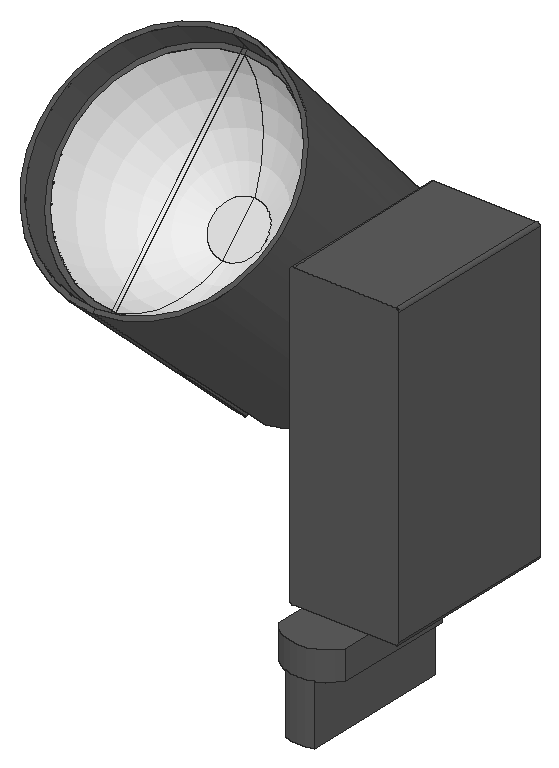
Revit family "0004842 Feilo Sylvania Lighting Fixture START TRACK SPOT L 35W 3K RA80 MB BLACK", category Lighting Fixtures, host Face, Revit 2017 (continued)
Definition of nested family "Start Track Spot Head"
  Types (96, lengths in mm): name | Wattage | built-in parameter 1150134 | Photometric Web File | Model | built-in parameter 1150105 | Lumens | built-in parameter 1150107 | built-in parameter 1150106 | HeadThickness_FEILO | HeadRibOffset_FEILO | HeadRibDepth_FEILO | HeadRibCutWidth_FEILO | HeadRibCutOffset_FEILO | HeadReflectorRadius_FEILO | HeadReflectorOffset_FEILO | HeadLEDRadius_FEILO | HeadHeight_FEILO | HeadDiffusorOffset_FEILO | HeadDiaOut_FEILO | HeadDiaIn_FEILO | HeadAxisFromTop_FEILO | Emit from Circle Diameter | built-in parameter 1150104 | Description | Apparent Load
    0004864 START TRACK SPOT S 24W 3K RA90 WB WHITE | 24 W | (empty or 0) | "0004864.ies" | "START TRACK SPOT S 24W 3K RA90 WB WHITE" | 152.79 (stored number, unit not read) | 1920 lm | 3000 (stored number, unit not read) | 1.5279 (stored number, unit not read) | 1.5 | 4.179 | 55.714 | 7.167 | 50.87 | 50.588 | 55.714 | 9.556 | 117 | 9.435 | 86 | 77.477 | 69.354 | 77.477 | 7.4322 (stored number, unit not read) | "Integrated LED spotlight, Textured White - RAL9016, compact and minimalist design, ideal for retail applications, die-cast aluminium body, passive cooling heatsink. Beam angle: 64°, color temperature: 3000K , total system power: 24W, total fixture output: 1928 lm, LOR: 100%, colour rendering: Ra: 90 typical, LED Chromaticity: 3 step MacAdam ellipse, lifetime: >50000 hours at L70B50, energy class: A++, A+, A, IR/UV free light source without heat radiation, operating voltage: 220-240V / 50-60Hz, drive current: 600mA, electronic driver, non-dimmable, power factor: 0.95, electrical protection: Class II, Global Track 3 Phase adapter suitable for Global trac 3-circuit tracks, ingress protection rating: IP20, suitable for internal environment only, horizontal rotation: 355°, vertical tilt: 90°, dimensions: Ø86x140x200, weight: 0.966kg." | 24 VA
    0004863 START TRACK SPOT S 24W 3K RA90 MB WHITE | 24 W | (empty or 0) | "0004863.ies" | "START TRACK SPOT S 24W 3K RA90 MB WHITE" | 154.7 (stored number, unit not read) | 1944 lm | 3000 (stored number, unit not read) | 1.547 (stored number, unit not read) | 1.5 | 4.179 | 55.714 | 7.167 | 50.87 | 50.588 | 55.714 | 9.556 | 117 | 9.435 | 86 | 77.477 | 69.354 | 77.477 | 7.5251 (stored number, unit not read) | "Integrated LED spotlight, Textured White - RAL9016, compact and minimalist design, ideal for retail applications, die-cast aluminium body, passive cooling heatsink. Beam angle: 36°, color temperature: 3000K , total system power: 24W, total fixture output: 1944 lm, LOR: 100%, colour rendering: Ra: 90 typical, LED Chromaticity: 3 step MacAdam ellipse, lifetime: >50000 hours at L70B50, energy class: A++, A+, A, IR/UV free light source without heat radiation, operating voltage: 220-240V / 50-60Hz, drive current: 600mA, electronic driver, non-dimmable, power factor: 0.95, electrical protection: Class II, Global Track 3 Phase adapter suitable for Global trac 3-circuit tracks, ingress protection rating: IP20, suitable for internal environment only, horizontal rotation: 355°, vertical tilt: 90°, dimensions: Ø86x140x200, weight: 0.966kg." | 24 VA
    0004862 START TRACK SPOT S 24W 3K RA90 NB WHITE | 24 W | (empty or 0) | "0004862.ies" | "START TRACK SPOT S 24W 3K RA90 NB WHITE" | 158.52 (stored number, unit not read) | 1992 lm | 3000 (stored number, unit not read) | 1.5852 (stored number, unit not read) | 1.5 | 4.179 | 55.714 | 7.167 | 50.87 | 50.588 | 55.714 | 9.556 | 117 | 9.435 | 86 | 77.477 | 69.354 | 77.477 | 7.711 (stored number, unit not read) | "Integrated LED spotlight, Textured White - RAL9016, compact and minimalist design, ideal for retail applications, die-cast aluminium body, passive cooling heatsink. Beam angle: 12°, color temperature: 3000K , total system power: 24W, total fixture output: 1987 lm, LOR: 100%, colour rendering: Ra: 90 typical, LED Chromaticity: 3 step MacAdam ellipse, lifetime: >50000 hours at L70B50, energy class: A++, A+, A, IR/UV free light source without heat radiation, operating voltage: 220-240V / 50-60Hz, drive current: 600mA, electronic driver, non-dimmable, power factor: 0.95, electrical protection: Class II, Global Track 3 Phase adapter suitable for Global trac 3-circuit tracks, ingress protection rating: IP20, suitable for internal environment only, horizontal rotation: 355°, vertical tilt: 90°, dimensions: Ø86x140x200, weight: 0.966kg." | 24 VA
    0004861 START TRACK SPOT S 14W 3K RA90 WB WHITE | 14 W | (empty or 0) | "0004861.ies" | "START TRACK SPOT S 14W 3K RA90 WB WHITE" | 100.27 (stored number, unit not read) | 1260 lm | 3000 (stored number, unit not read) | 1.0027 (stored number, unit not read) | 1.5 | 4.179 | 55.714 | 7.167 | 50.87 | 50.588 | 55.714 | 9.556 | 117 | 9.435 | 86 | 77.477 | 69.354 | 77.477 | 8.3613 (stored number, unit not read) | "Integrated LED spotlight, Textured White - RAL9016, compact and minimalist design, ideal for retail applications, die-cast aluminium body, passive cooling heatsink. Beam angle: 64°, color temperature: 3000K , total system power: 14W, total fixture output: 1262 lm, LOR: 100%, colour rendering: Ra: 90 typical, LED Chromaticity: 3 step MacAdam ellipse, lifetime: >50000 hours at L70B50, energy class: A++, A+, A, IR/UV free light source without heat radiation, operating voltage: 220-240V / 50-60Hz, drive current: 350mA, electronic driver, non-dimmable, power factor: 0.92, electrical protection: Class II, Global Track 3 Phase adapter suitable for Global trac 3-circuit tracks, ingress protection rating: IP20, suitable for internal environment only, horizontal rotation: 355°, vertical tilt: 90°, dimensions: Ø86x140x200, weight: 0.940kg." | 14 VA
    0004860 START TRACK SPOT S 14W 3K RA90 MB WHITE | 14 W | (empty or 0) | "0004860.ies" | "START TRACK SPOT S 14W 3K RA90 MB WHITE" | 100.27 (stored number, unit not read) | 1260 lm | 3000 (stored number, unit not read) | 1.0027 (stored number, unit not read) | 1.5 | 4.179 | 55.714 | 7.167 | 50.87 | 50.588 | 55.714 | 9.556 | 117 | 9.435 | 86 | 77.477 | 69.354 | 77.477 | 8.3613 (stored number, unit not read) | "Integrated LED spotlight, Textured White - RAL9016, compact and minimalist design, ideal for retail applications, die-cast aluminium body, passive cooling heatsink. Beam angle: 36°, color temperature: 3000K , total system power: 14W, total fixture output: 1262 lm, LOR: 100%, colour rendering: Ra: 90 typical, LED Chromaticity: 3 step MacAdam ellipse, lifetime: >50000 hours at L70B50, energy class: A++, A+, A, IR/UV free light source without heat radiation, operating voltage: 220-240V / 50-60Hz, drive current: 350mA, electronic driver, non-dimmable, power factor: 0.92, electrical protection: Class II, Global Track 3 Phase adapter suitable for Global trac 3-circuit tracks, ingress protection rating: IP20, suitable for internal environment only, horizontal rotation: 355°, vertical tilt: 90°, dimensions: Ø86x140x200, weight: 0.940kg." | 14 VA
    0004859 START TRACK SPOT S 14W 3K RA90 NB WHITE | 14 W | (empty or 0) | "0004859.ies" | "START TRACK SPOT S 14W 3K RA90 NB WHITE" | 102.5 (stored number, unit not read) | 1288 lm | 3000 (stored number, unit not read) | 1.025 (stored number, unit not read) | 1.5 | 4.179 | 55.714 | 7.167 | 50.87 | 50.588 | 55.714 | 9.556 | 117 | 9.435 | 86 | 77.477 | 69.354 | 77.477 | 8.5471 (stored number, unit not read) | "Integrated LED spotlight, Textured White - RAL9016, compact and minimalist design, ideal for retail applications, die-cast aluminium body, passive cooling heatsink. Beam angle: 12°, color temperature: 3000K , total system power: 14W, total fixture output: 1284 lm, LOR: 100%, colour rendering: Ra: 90 typical, LED Chromaticity: 3 step MacAdam ellipse, lifetime: >50000 hours at L70B50, energy class: A++, A+, A, IR/UV free light source without heat radiation, operating voltage: 220-240V / 50-60Hz, drive current: 350mA, electronic driver, non-dimmable, power factor: 0.92, electrical protection: Class II, Global Track 3 Phase adapter suitable for Global trac 3-circuit tracks, ingress protection rating: IP20, suitable for internal environment only, horizontal rotation: 355°, vertical tilt: 90°, dimensions: Ø86x140x200, weight: 0.940kg." | 14 VA
    0004858 START TRACK SPOT L 55W 4K RA80 WB BLACK | 55 W | 12 | "0004858.ies" | "START TRACK SPOT L 55W 4K RA80 WB BLACK" | 424.55 (stored number, unit not read) | 5335 lm | 4000 (stored number, unit not read) | 4.2455 (stored number, unit not read) | 2 | 4.429 | 59.048 | 9.417 | 53.913 | 66.471 | 59.048 | 12.556 | 124 | 10 | 113 | 101.802 | 73.503 | 101.802 | 9.0116 (stored number, unit not read) | "Integrated LED spotlight, Textured Black - RAL9005, compact and minimalist design, ideal for retail applications, die-cast aluminium body, passive cooling heatsink. Beam angle: 52°, color temperature: 4000K , total system power: 55W, total fixture output: 5320 lm, LOR: 100%, colour rendering: Ra: 80 typical, LED Chromaticity: 3 step MacAdam ellipse, lifetime: >50000 hours at L70B50, energy class: A++, A+, A, IR/UV free light source without heat radiation, operating voltage: 220-240V / 50-60Hz, drive current: 1400mA, electronic driver, non-dimmable, power factor: 0.96, electrical protection: Class II, Global Track 3 Phase adapter suitable for Global trac 3-circuit tracks, ingress protection rating: IP20, suitable for internal environment only, horizontal rotation: 355°, vertical tilt: 90°, dimensions: Ø113x164x240, weight: 1.398kg." | 55 VA
    0004857 START TRACK SPOT L 55W 4K RA80 MB BLACK | 55 W | 12 | "0004857.ies" | "START TRACK SPOT L 55W 4K RA80 MB BLACK" | 428.92 (stored number, unit not read) | 5390 lm | 4000 (stored number, unit not read) | 4.2892 (stored number, unit not read) | 2 | 4.429 | 59.048 | 9.417 | 53.913 | 66.471 | 59.048 | 12.556 | 124 | 10 | 113 | 101.802 | 73.503 | 101.802 | 9.1045 (stored number, unit not read) | "Integrated LED spotlight, Textured Black - RAL9005, compact and minimalist design, ideal for retail applications, die-cast aluminium body, passive cooling heatsink. Beam angle: 38°, color temperature: 4000K , total system power: 55W, total fixture output: 5378 lm, LOR: 100%, colour rendering: Ra: 80 typical, LED Chromaticity: 3 step MacAdam ellipse, lifetime: >50000 hours at L70B50, energy class: A++, A+, A, IR/UV free light source without heat radiation, operating voltage: 220-240V / 50-60Hz, drive current: 1400mA, electronic driver, non-dimmable, power factor: 0.96, electrical protection: Class II, Global Track 3 Phase adapter suitable for Global trac 3-circuit tracks, ingress protection rating: IP20, suitable for internal environment only, horizontal rotation: 355°, vertical tilt: 90°, dimensions: Ø113x164x240, weight: 1.398kg." | 55 VA
    0004856 START TRACK SPOT L 55W 4K RA80 NB BLACK | 55 W | 12 | "0004856.ies" | "START TRACK SPOT L 55W 4K RA80 NB BLACK" | 433.3 (stored number, unit not read) | 5445 lm | 4000 (stored number, unit not read) | 4.333 (stored number, unit not read) | 2 | 4.429 | 59.048 | 9.417 | 53.913 | 66.471 | 59.048 | 12.556 | 124 | 10 | 113 | 101.802 | 73.503 | 101.802 | 9.1974 (stored number, unit not read) | "Integrated LED spotlight, Textured Black - RAL9005, compact and minimalist design, ideal for retail applications, die-cast aluminium body, passive cooling heatsink. Beam angle: 15°, color temperature: 4000K , total system power: 55W, total fixture output: 5426 lm, LOR: 100%, colour rendering: Ra: 80 typical, LED Chromaticity: 3 step MacAdam ellipse, lifetime: >50000 hours at L70B50, energy class: A++, A+, A, IR/UV free light source without heat radiation, operating voltage: 220-240V / 50-60Hz, drive current: 1400mA, electronic driver, non-dimmable, power factor: 0.96, electrical protection: Class II, Global Track 3 Phase adapter suitable for Global trac 3-circuit tracks, ingress protection rating: IP20, suitable for internal environment only, horizontal rotation: 355°, vertical tilt: 90°, dimensions: Ø113x164x240, weight: 1.398kg." | 55 VA
    0004855 START TRACK SPOT L 35W 4K RA80 WB BLACK | 35 W | 12 | "0004855.ies" | "START TRACK SPOT L 35W 4K RA80 WB BLACK" | 320.3 (stored number, unit not read) | 4025 lm | 4000 (stored number, unit not read) | 3.203 (stored number, unit not read) | 2 | 4.429 | 59.048 | 9.417 | 53.913 | 66.471 | 59.048 | 12.556 | 124 | 10 | 113 | 101.802 | 73.503 | 101.802 | 10.684 (stored number, unit not read) | "Integrated LED spotlight, Textured Black - RAL9005, compact and minimalist design, ideal for retail applications, die-cast aluminium body, passive cooling heatsink. Beam angle: 52°, color temperature: 4000K , total system power: 35W, total fixture output: 4010 lm, LOR: 100%, colour rendering: Ra: 80 typical, LED Chromaticity: 3 step MacAdam ellipse, lifetime: >50000 hours at L70B50, energy class: A++, A+, A, IR/UV free light source without heat radiation, operating voltage: 220-240V / 50-60Hz, drive current: 900mA, electronic driver, non-dimmable, power factor: 0.93, electrical protection: Class II, Global Track 3 Phase adapter suitable for Global trac 3-circuit tracks, ingress protection rating: IP20, suitable for internal environment only, horizontal rotation: 355°, vertical tilt: 90°, dimensions: Ø113x164x240, weight: 1.368kg." | 35 VA
    0004854 START TRACK SPOT L 35W 4K RA80 MB BLACK | 35 W | 12 | "0004854.ies" | "START TRACK SPOT L 35W 4K RA80 MB BLACK" | 320.3 (stored number, unit not read) | 4025 lm | 4000 (stored number, unit not read) | 3.203 (stored number, unit not read) | 2 | 4.429 | 59.048 | 9.417 | 53.913 | 66.471 | 59.048 | 12.556 | 124 | 10 | 113 | 101.802 | 73.503 | 101.802 | 10.684 (stored number, unit not read) | "Integrated LED spotlight, Textured Black - RAL9005, compact and minimalist design, ideal for retail applications, die-cast aluminium body, passive cooling heatsink. Beam angle: 38°, color temperature: 4000K , total system power: 35W, total fixture output: 4017 lm, LOR: 100%, colour rendering: Ra: 80 typical, LED Chromaticity: 3 step MacAdam ellipse, lifetime: >50000 hours at L70B50, energy class: A++, A+, A, IR/UV free light source without heat radiation, operating voltage: 220-240V / 50-60Hz, drive current: 900mA, electronic driver, non-dimmable, power factor: 0.93, electrical protection: Class II, Global Track 3 Phase adapter suitable for Global trac 3-circuit tracks, ingress protection rating: IP20, suitable for internal environment only, horizontal rotation: 355°, vertical tilt: 90°, dimensions: Ø113x164x240, weight: 1.368kg." | 35 VA
    0004853 START TRACK SPOT L 35W 4K RA80 NB BLACK | 35 W | 12 | "0004853.ies" | "START TRACK SPOT L 35W 4K RA80 NB BLACK" | 331.44 (stored number, unit not read) | 4165 lm | 4000 (stored number, unit not read) | 3.3144 (stored number, unit not read) | 2 | 4.429 | 59.048 | 9.417 | 53.913 | 66.471 | 59.048 | 12.556 | 124 | 10 | 113 | 101.802 | 73.503 | 101.802 | 11.055 (stored number, unit not read) | "Integrated LED spotlight, Textured Black - RAL9005, compact and minimalist design, ideal for retail applications, die-cast aluminium body, passive cooling heatsink. Beam angle: 15°, color temperature: 4000K , total system power: 35W, total fixture output: 4174 lm, LOR: 100%, colour rendering: Ra: 80 typical, LED Chromaticity: 3 step MacAdam ellipse, lifetime: >50000 hours at L70B50, energy class: A++, A+, A, IR/UV free light source without heat radiation, operating voltage: 220-240V / 50-60Hz, drive current: 900mA, electronic driver, non-dimmable, power factor: 0.93, electrical protection: Class II, Global Track 3 Phase adapter suitable for Global trac 3-circuit tracks, ingress protection rating: IP20, suitable for internal environment only, horizontal rotation: 355°, vertical tilt: 90°, dimensions: Ø113x164x240, weight: 1.368kg." | 35 VA
    0004852 START TRACK SPOT S 24W 4K RA80 WB BLACK | 24 W | 12 | "0004852.ies" | "START TRACK SPOT S 24W 4K RA80 WB BLACK" | 196.72 (stored number, unit not read) | 2472 lm | 4000 (stored number, unit not read) | 1.9672 (stored number, unit not read) | 1.5 | 4.179 | 55.714 | 7.167 | 50.87 | 50.588 | 55.714 | 9.556 | 117 | 9.435 | 86 | 77.477 | 69.354 | 77.477 | 9.569 (stored number, unit not read) | "Integrated LED spotlight, Textured Black - RAL9005, compact and minimalist design, ideal for retail applications, die-cast aluminium body, passive cooling heatsink. Beam angle: 64°, color temperature: 4000K , total system power: 24W, total fixture output: 2476 lm, LOR: 100%, colour rendering: Ra: 80 typical, LED Chromaticity: 3 step MacAdam ellipse, lifetime: >50000 hours at L70B50, energy class: A++, A+, A, IR/UV free light source without heat radiation, operating voltage: 220-240V / 50-60Hz, drive current: 600mA, electronic driver, non-dimmable, power factor: 0.95, electrical protection: Class II, Global Track 3 Phase adapter suitable for Global trac 3-circuit tracks, ingress protection rating: IP20, suitable for internal environment only, horizontal rotation: 355°, vertical tilt: 90°, dimensions: Ø86x140x200, weight: 0.966kg." | 24 VA
    0004851 START TRACK SPOT S 24W 4K RA80 MB BLACK | 24 W | 12 | "0004851.ies" | "START TRACK SPOT S 24W 4K RA80 MB BLACK" | 198.63 (stored number, unit not read) | 2496 lm | 4000 (stored number, unit not read) | 1.9863 (stored number, unit not read) | 1.5 | 4.179 | 55.714 | 7.167 | 50.87 | 50.588 | 55.714 | 9.556 | 117 | 9.435 | 86 | 77.477 | 69.354 | 77.477 | 9.6619 (stored number, unit not read) | "Integrated LED spotlight, Textured Black - RAL9005, compact and minimalist design, ideal for retail applications, die-cast aluminium body, passive cooling heatsink. Beam angle: 36°, color temperature: 4000K , total system power: 24W, total fixture output: 2487 lm, LOR: 100%, colour rendering: Ra: 80 typical, LED Chromaticity: 3 step MacAdam ellipse, lifetime: >50000 hours at L70B50, energy class: A++, A+, A, IR/UV free light source without heat radiation, operating voltage: 220-240V / 50-60Hz, drive current: 600mA, electronic driver, non-dimmable, power factor: 0.95, electrical protection: Class II, Global Track 3 Phase adapter suitable for Global trac 3-circuit tracks, ingress protection rating: IP20, suitable for internal environment only, horizontal rotation: 355°, vertical tilt: 90°, dimensions: Ø86x140x200, weight: 0.966kg." | 24 VA
    0004850 START TRACK SPOT S 24W 4K RA80 NB BLACK | 24 W | 12 | "0004850.ies" | "START TRACK SPOT S 24W 4K RA80 NB BLACK" | 200.54 (stored number, unit not read) | 2520 lm | 4000 (stored number, unit not read) | 2.0054 (stored number, unit not read) | 1.5 | 4.179 | 55.714 | 7.167 | 50.87 | 50.588 | 55.714 | 9.556 | 117 | 9.435 | 86 | 77.477 | 69.354 | 77.477 | 9.7548 (stored number, unit not read) | "Integrated LED spotlight, Textured Black - RAL9005, compact and minimalist design, ideal for retail applications, die-cast aluminium body, passive cooling heatsink. Beam angle: 12°, color temperature: 4000K , total system power: 24W, total fixture output: 2529 lm, LOR: 100%, colour rendering: Ra: 80 typical, LED Chromaticity: 3 step MacAdam ellipse, lifetime: >50000 hours at L70B50, energy class: A++, A+, A, IR/UV free light source without heat radiation, operating voltage: 220-240V / 50-60Hz, drive current: 600mA, electronic driver, non-dimmable, power factor: 0.95, electrical protection: Class II, Global Track 3 Phase adapter suitable for Global trac 3-circuit tracks, ingress protection rating: IP20, suitable for internal environment only, horizontal rotation: 355°, vertical tilt: 90°, dimensions: Ø86x140x200, weight: 0.966kg." | 24 VA
    0004849 START TRACK SPOT S 14W 4K RA80 WB BLACK | 14 W | 12 | "0004849.ies" | "START TRACK SPOT S 14W 4K RA80 WB BLACK" | 123.66 (stored number, unit not read) | 1554 lm | 4000 (stored number, unit not read) | 1.2366 (stored number, unit not read) | 1.5 | 4.179 | 55.714 | 7.167 | 50.87 | 50.588 | 55.714 | 9.556 | 117 | 9.435 | 86 | 77.477 | 69.354 | 77.477 | 10.312 (stored number, unit not read) | "Integrated LED spotlight, Textured Black - RAL9005, compact and minimalist design, ideal for retail applications, die-cast aluminium body, passive cooling heatsink. Beam angle: 64°, color temperature: 4000K , total system power: 14W, total fixture output: 1558 lm, LOR: 100%, colour rendering: Ra: 80 typical, LED Chromaticity: 3 step MacAdam ellipse, lifetime: >50000 hours at L70B50, energy class: A++, A+, A, IR/UV free light source without heat radiation, operating voltage: 220-240V / 50-60Hz, drive current: 350mA, electronic driver, non-dimmable, power factor: 0.92, electrical protection: Class II, Global Track 3 Phase adapter suitable for Global trac 3-circuit tracks, ingress protection rating: IP20, suitable for internal environment only, horizontal rotation: 355°, vertical tilt: 90°, dimensions: Ø86x140x200, weight: 0.940kg." | 14 VA
    0004848 START TRACK SPOT S 14W 4K RA80 MB BLACK | 14 W | 12 | "0004848.ies" | "START TRACK SPOT S 14W 4K RA80 MB BLACK" | 127.01 (stored number, unit not read) | 1596 lm | 4000 (stored number, unit not read) | 1.2701 (stored number, unit not read) | 1.5 | 4.179 | 55.714 | 7.167 | 50.87 | 50.588 | 55.714 | 9.556 | 117 | 9.435 | 86 | 77.477 | 69.354 | 77.477 | 10.591 (stored number, unit not read) | "Integrated LED spotlight, Textured Black - RAL9005, compact and minimalist design, ideal for retail applications, die-cast aluminium body, passive cooling heatsink. Beam angle: 36°, color temperature: 4000K , total system power: 14W, total fixture output: 1598 lm, LOR: 100%, colour rendering: Ra: 80 typical, LED Chromaticity: 3 step MacAdam ellipse, lifetime: >50000 hours at L70B50, energy class: A++, A+, A, IR/UV free light source without heat radiation, operating voltage: 220-240V / 50-60Hz, drive current: 350mA, electronic driver, non-dimmable, power factor: 0.92, electrical protection: Class II, Global Track 3 Phase adapter suitable for Global trac 3-circuit tracks, ingress protection rating: IP20, suitable for internal environment only, horizontal rotation: 355°, vertical tilt: 90°, dimensions: Ø86x140x200, weight: 0.940kg." | 14 VA
    0004847 START TRACK SPOT S 14W 4K RA80 NB BLACK | 14 W | 12 | "0004847.ies" | "START TRACK SPOT S 14W 4K RA80 NB BLACK" | 128.12 (stored number, unit not read) | 1610 lm | 4000 (stored number, unit not read) | 1.2812 (stored number, unit not read) | 1.5 | 4.179 | 55.714 | 7.167 | 50.87 | 50.588 | 55.714 | 9.556 | 117 | 9.435 | 86 | 77.477 | 69.354 | 77.477 | 10.684 (stored number, unit not read) | "Integrated LED spotlight, Textured Black - RAL9005, compact and minimalist design, ideal for retail applications, die-cast aluminium body, passive cooling heatsink. Beam angle: 12°, color temperature: 4000K , total system power: 14W, total fixture output: 1608 lm, LOR: 100%, colour rendering: Ra: 80 typical, LED Chromaticity: 3 step MacAdam ellipse, lifetime: >50000 hours at L70B50, energy class: A++, A+, A, IR/UV free light source without heat radiation, operating voltage: 220-240V / 50-60Hz, drive current: 350mA, electronic driver, non-dimmable, power factor: 0.92, electrical protection: Class II, Global Track 3 Phase adapter suitable for Global trac 3-circuit tracks, ingress protection rating: IP20, suitable for internal environment only, horizontal rotation: 355°, vertical tilt: 90°, dimensions: Ø86x140x200, weight: 0.940kg." | 14 VA
    0004846 START TRACK SPOT L 55W 3K RA80 WB BLACK | 55 W | (empty or 0) | "0004846.ies" | "START TRACK SPOT L 55W 3K RA80 WB BLACK" | 420.17 (stored number, unit not read) | 5280 lm | 3000 (stored number, unit not read) | 4.2017 (stored number, unit not read) | 2 | 4.429 | 59.048 | 9.417 | 53.913 | 66.471 | 59.048 | 12.556 | 124 | 10 | 113 | 101.802 | 73.503 | 101.802 | 8.9187 (stored number, unit not read) | "Integrated LED spotlight, Textured Black - RAL9005, compact and minimalist design, ideal for retail applications, die-cast aluminium body, passive cooling heatsink. Beam angle: 52°, color temperature: 3000K , total system power: 55W, total fixture output: 5298 lm, LOR: 100%, colour rendering: Ra: 80 typical, LED Chromaticity: 3 step MacAdam ellipse, lifetime: >50000 hours at L70B50, energy class: A++, A+, A, IR/UV free light source without heat radiation, operating voltage: 220-240V / 50-60Hz, drive current: 1400mA, electronic driver, non-dimmable, power factor: 0.96, electrical protection: Class II, Global Track 3 Phase adapter suitable for Global trac 3-circuit tracks, ingress protection rating: IP20, suitable for internal environment only, horizontal rotation: 355°, vertical tilt: 90°, dimensions: Ø113x164x240, weight: 1.398kg." | 55 VA
    0004845 START TRACK SPOT L 55W 3K RA80 MB BLACK | 55 W | (empty or 0) | "0004845.ies" | "START TRACK SPOT L 55W 3K RA80 MB BLACK" | 428.92 (stored number, unit not read) | 5390 lm | 3000 (stored number, unit not read) | 4.2892 (stored number, unit not read) | 2 | 4.429 | 59.048 | 9.417 | 53.913 | 66.471 | 59.048 | 12.556 | 124 | 10 | 113 | 101.802 | 73.503 | 101.802 | 9.1045 (stored number, unit not read) | "Integrated LED spotlight, Textured Black - RAL9005, compact and minimalist design, ideal for retail applications, die-cast aluminium body, passive cooling heatsink. Beam angle: 38°, color temperature: 3000K , total system power: 55W, total fixture output: 5381 lm, LOR: 100%, colour rendering: Ra: 80 typical, LED Chromaticity: 3 step MacAdam ellipse, lifetime: >50000 hours at L70B50, energy class: A++, A+, A, IR/UV free light source without heat radiation, operating voltage: 220-240V / 50-60Hz, drive current: 1400mA, electronic driver, non-dimmable, power factor: 0.96, electrical protection: Class II, Global Track 3 Phase adapter suitable for Global trac 3-circuit tracks, ingress protection rating: IP20, suitable for internal environment only, horizontal rotation: 355°, vertical tilt: 90°, dimensions: Ø113x164x240, weight: 1.398kg." | 55 VA
    0004844 START TRACK SPOT L 55W 3K RA80 NB BLACK | 55 W | (empty or 0) | "0004844.ies" | "START TRACK SPOT L 55W 3K RA80 NB BLACK" | 433.3 (stored number, unit not read) | 5445 lm | 3000 (stored number, unit not read) | 4.333 (stored number, unit not read) | 2 | 4.429 | 59.048 | 9.417 | 53.913 | 66.471 | 59.048 | 12.556 | 124 | 10 | 113 | 101.802 | 73.503 | 101.802 | 9.1974 (stored number, unit not read) | "Integrated LED spotlight, Textured Black - RAL9005, compact and minimalist design, ideal for retail applications, die-cast aluminium body, passive cooling heatsink. Beam angle: 15°, color temperature: 3000K , total system power: 55W, total fixture output: 5449 lm, LOR: 100%, colour rendering: Ra: 80 typical, LED Chromaticity: 3 step MacAdam ellipse, lifetime: >50000 hours at L70B50, energy class: A++, A+, A, IR/UV free light source without heat radiation, operating voltage: 220-240V / 50-60Hz, drive current: 1400mA, electronic driver, non-dimmable, power factor: 0.96, electrical protection: Class II, Global Track 3 Phase adapter suitable for Global trac 3-circuit tracks, ingress protection rating: IP20, suitable for internal environment only, horizontal rotation: 355°, vertical tilt: 90°, dimensions: Ø113x164x240, weight: 1.398kg." | 55 VA
    0004843 START TRACK SPOT L 35W 3K RA80 WB BLACK | 35 W | (empty or 0) | "0004843.ies" | "START TRACK SPOT L 35W 3K RA80 WB BLACK" | 314.73 (stored number, unit not read) | 3955 lm | 3000 (stored number, unit not read) | 3.1473 (stored number, unit not read) | 2 | 4.429 | 59.048 | 9.417 | 53.913 | 66.471 | 59.048 | 12.556 | 124 | 10 | 113 | 101.802 | 73.503 | 101.802 | 10.498 (stored number, unit not read) | "Integrated LED spotlight, Textured Black - RAL9005, compact and minimalist design, ideal for retail applications, die-cast aluminium body, passive cooling heatsink. Beam angle: 52°, color temperature: 3000K , total system power: 35W, total fixture output: 3943 lm, LOR: 100%, colour rendering: Ra: 80 typical, LED Chromaticity: 3 step MacAdam ellipse, lifetime: >50000 hours at L70B50, energy class: A++, A+, A, IR/UV free light source without heat radiation, operating voltage: 220-240V / 50-60Hz, drive current: 900mA, electronic driver, non-dimmable, power factor: 0.93, electrical protection: Class II, Global Track 3 Phase adapter suitable for Global trac 3-circuit tracks, ingress protection rating: IP20, suitable for internal environment only, horizontal rotation: 355°, vertical tilt: 90°, dimensions: Ø113x164x240, weight: 1.368kg." | 35 VA
    0004842 START TRACK SPOT L 35W 3K RA80 MB BLACK | 35 W | (empty or 0) | "0004842.ies" | "START TRACK SPOT L 35W 3K RA80 MB BLACK" | 320.3 (stored number, unit not read) | 4025 lm | 3000 (stored number, unit not read) | 3.203 (stored number, unit not read) | 2 | 4.429 | 59.048 | 9.417 | 53.913 | 66.471 | 59.048 | 12.556 | 124 | 10 | 113 | 101.802 | 73.503 | 101.802 | 10.684 (stored number, unit not read) | "Integrated LED spotlight, Textured Black - RAL9005, compact and minimalist design, ideal for retail applications, die-cast aluminium body, passive cooling heatsink. Beam angle: 38°, color temperature: 3000K , total system power: 35W, total fixture output: 4008 lm, LOR: 100%, colour rendering: Ra: 80 typical, LED Chromaticity: 3 step MacAdam ellipse, lifetime: >50000 hours at L70B50, energy class: A++, A+, A, IR/UV free light source without heat radiation, operating voltage: 220-240V / 50-60Hz, drive current: 900mA, electronic driver, non-dimmable, power factor: 0.93, electrical protection: Class II, Global Track 3 Phase adapter suitable for Global trac 3-circuit tracks, ingress protection rating: IP20, suitable for internal environment only, horizontal rotation: 355°, vertical tilt: 90°, dimensions: Ø113x164x240, weight: 1.368kg." | 35 VA
    0004841 START TRACK SPOT L 35W 3K RA80 NB BLACK | 35 W | (empty or 0) | "0004841.ies" | "START TRACK SPOT L 35W 3K RA80 NB BLACK" | 317.51 (stored number, unit not read) | 3990 lm | 3000 (stored number, unit not read) | 3.1751 (stored number, unit not read) | 2 | 4.429 | 59.048 | 9.417 | 53.913 | 66.471 | 59.048 | 12.556 | 124 | 10 | 113 | 101.802 | 73.503 | 101.802 | 10.591 (stored number, unit not read) | "Integrated LED spotlight, Textured Black - RAL9005, compact and minimalist design, ideal for retail applications, die-cast aluminium body, passive cooling heatsink. Beam angle: 15°, color temperature: 3000K , total system power: 35W, total fixture output: 4005 lm, LOR: 100%, colour rendering: Ra: 80 typical, LED Chromaticity: 3 step MacAdam ellipse, lifetime: >50000 hours at L70B50, energy class: A++, A+, A, IR/UV free light source without heat radiation, operating voltage: 220-240V / 50-60Hz, drive current: 900mA, electronic driver, non-dimmable, power factor: 0.93, electrical protection: Class II, Global Track 3 Phase adapter suitable for Global trac 3-circuit tracks, ingress protection rating: IP20, suitable for internal environment only, horizontal rotation: 355°, vertical tilt: 90°, dimensions: Ø113x164x240, weight: 1.368kg." | 35 VA
    0004840 START TRACK SPOT S 24W 3K RA80 WB BLACK | 24 W | (empty or 0) | "0004840.ies" | "START TRACK SPOT S 24W 3K RA80 WB BLACK" | 185.26 (stored number, unit not read) | 2328 lm | 3000 (stored number, unit not read) | 1.8526 (stored number, unit not read) | 1.5 | 4.179 | 55.714 | 7.167 | 50.87 | 50.588 | 55.714 | 9.556 | 117 | 9.435 | 86 | 77.477 | 69.354 | 77.477 | 9.0116 (stored number, unit not read) | "Integrated LED spotlight, Textured Black - RAL9005, compact and minimalist design, ideal for retail applications, die-cast aluminium body, passive cooling heatsink. Beam angle: 64°, color temperature: 3000K , total system power: 24W, total fixture output: 2318 lm, LOR: 100%, colour rendering: Ra: 80 typical, LED Chromaticity: 3 step MacAdam ellipse, lifetime: >50000 hours at L70B50, energy class: A++, A+, A, IR/UV free light source without heat radiation, operating voltage: 220-240V / 50-60Hz, drive current: 600mA, electronic driver, non-dimmable, power factor: 0.95, electrical protection: Class II, Global Track 3 Phase adapter suitable for Global trac 3-circuit tracks, ingress protection rating: IP20, suitable for internal environment only, horizontal rotation: 355°, vertical tilt: 90°, dimensions: Ø86x140x200, weight: 0.966kg." | 24 VA
    0004839 START TRACK SPOT S 24W 3K RA80 MB BLACK | 24 W | (empty or 0) | "0004839.ies" | "START TRACK SPOT S 24W 3K RA80 MB BLACK" | 183.35 (stored number, unit not read) | 2304 lm | 3000 (stored number, unit not read) | 1.8335 (stored number, unit not read) | 1.5 | 4.179 | 55.714 | 7.167 | 50.87 | 50.588 | 55.714 | 9.556 | 117 | 9.435 | 86 | 77.477 | 69.354 | 77.477 | 8.9187 (stored number, unit not read) | "Integrated LED spotlight, Textured Black - RAL9005, compact and minimalist design, ideal for retail applications, die-cast aluminium body, passive cooling heatsink. Beam angle: 36°, color temperature: 3000K , total system power: 24W, total fixture output: 2314 lm, LOR: 100%, colour rendering: Ra: 80 typical, LED Chromaticity: 3 step MacAdam ellipse, lifetime: >50000 hours at L70B50, energy class: A++, A+, A, IR/UV free light source without heat radiation, operating voltage: 220-240V / 50-60Hz, drive current: 600mA, electronic driver, non-dimmable, power factor: 0.95, electrical protection: Class II, Global Track 3 Phase adapter suitable for Global trac 3-circuit tracks, ingress protection rating: IP20, suitable for internal environment only, horizontal rotation: 355°, vertical tilt: 90°, dimensions: Ø86x140x200, weight: 0.966kg." | 24 VA
    0004838 START TRACK SPOT S 24W 3K RA80 NB BLACK | 24 W | (empty or 0) | "0004838.ies" | "START TRACK SPOT S 24W 3K RA80 NB BLACK" | 185.26 (stored number, unit not read) | 2328 lm | 3000 (stored number, unit not read) | 1.8526 (stored number, unit not read) | 1.5 | 4.179 | 55.714 | 7.167 | 50.87 | 50.588 | 55.714 | 9.556 | 117 | 9.435 | 86 | 77.477 | 69.354 | 77.477 | 9.0116 (stored number, unit not read) | "Integrated LED spotlight, Textured Black - RAL9005, compact and minimalist design, ideal for retail applications, die-cast aluminium body, passive cooling heatsink. Beam angle: 12°, color temperature: 3000K , total system power: 24W, total fixture output: 2334 lm, LOR: 100%, colour rendering: Ra: 80 typical, LED Chromaticity: 3 step MacAdam ellipse, lifetime: >50000 hours at L70B50, energy class: A++, A+, A, IR/UV free light source without heat radiation, operating voltage: 220-240V / 50-60Hz, drive current: 600mA, electronic driver, non-dimmable, power factor: 0.95, electrical protection: Class II, Global Track 3 Phase adapter suitable for Global trac 3-circuit tracks, ingress protection rating: IP20, suitable for internal environment only, horizontal rotation: 355°, vertical tilt: 90°, dimensions: Ø86x140x200, weight: 0.966kg." | 24 VA
    0004837 START TRACK SPOT S 14W 3K RA80 WB BLACK | 14 W | (empty or 0) | "0004837.ies" | "START TRACK SPOT S 14W 3K RA80 WB BLACK" | 119.21 (stored number, unit not read) | 1498 lm | 3000 (stored number, unit not read) | 1.1921 (stored number, unit not read) | 1.5 | 4.179 | 55.714 | 7.167 | 50.87 | 50.588 | 55.714 | 9.556 | 117 | 9.435 | 86 | 77.477 | 69.354 | 77.477 | 9.9406 (stored number, unit not read) | "Integrated LED spotlight, Textured Black - RAL9005, compact and minimalist design, ideal for retail applications, die-cast aluminium body, passive cooling heatsink. Beam angle: 64°, color temperature: 3000K , total system power: 14W, total fixture output: 1498 lm, LOR: 100%, colour rendering: Ra: 80 typical, LED Chromaticity: 3 step MacAdam ellipse, lifetime: >50000 hours at L70B50, energy class: A++, A+, A, IR/UV free light source without heat radiation, operating voltage: 220-240V / 50-60Hz, drive current: 350mA, electronic driver, non-dimmable, power factor: 0.92, electrical protection: Class II, Global Track 3 Phase adapter suitable for Global trac 3-circuit tracks, ingress protection rating: IP20, suitable for internal environment only, horizontal rotation: 355°, vertical tilt: 90°, dimensions: Ø86x140x200, weight: 0.940kg." | 14 VA
    0004836 START TRACK SPOT S 14W 3K RA80 MB BLACK | 14 W | (empty or 0) | "0004836.ies" | "START TRACK SPOT S 14W 3K RA80 MB BLACK" | 120.32 (stored number, unit not read) | 1512 lm | 3000 (stored number, unit not read) | 1.2032 (stored number, unit not read) | 1.5 | 4.179 | 55.714 | 7.167 | 50.87 | 50.588 | 55.714 | 9.556 | 117 | 9.435 | 86 | 77.477 | 69.354 | 77.477 | 10.034 (stored number, unit not read) | "Integrated LED spotlight, Textured Black - RAL9005, compact and minimalist design, ideal for retail applications, die-cast aluminium body, passive cooling heatsink. Beam angle: 36°, color temperature: 3000K , total system power: 14W, total fixture output: 1508 lm, LOR: 100%, colour rendering: Ra: 80 typical, LED Chromaticity: 3 step MacAdam ellipse, lifetime: >50000 hours at L70B50, energy class: A++, A+, A, IR/UV free light source without heat radiation, operating voltage: 220-240V / 50-60Hz, drive current: 350mA, electronic driver, non-dimmable, power factor: 0.92, electrical protection: Class II, Global Track 3 Phase adapter suitable for Global trac 3-circuit tracks, ingress protection rating: IP20, suitable for internal environment only, horizontal rotation: 355°, vertical tilt: 90°, dimensions: Ø86x140x200, weight: 0.940kg." | 14 VA
    0004835 START TRACK SPOT S 14W 3K RA80 NB BLACK | 14 W | (empty or 0) | "0004835.ies" | "START TRACK SPOT S 14W 3K RA80 NB BLACK" | 123.66 (stored number, unit not read) | 1554 lm | 3000 (stored number, unit not read) | 1.2366 (stored number, unit not read) | 1.5 | 4.179 | 55.714 | 7.167 | 50.87 | 50.588 | 55.714 | 9.556 | 117 | 9.435 | 86 | 77.477 | 69.354 | 77.477 | 10.312 (stored number, unit not read) | "Integrated LED spotlight, Textured Black - RAL9005, compact and minimalist design, ideal for retail applications, die-cast aluminium body, passive cooling heatsink. Beam angle: 12°, color temperature: 3000K , total system power: 14W, total fixture output: 1551 lm, LOR: 100%, colour rendering: Ra: 80 typical, LED Chromaticity: 3 step MacAdam ellipse, lifetime: >50000 hours at L70B50, energy class: A++, A+, A, IR/UV free light source without heat radiation, operating voltage: 220-240V / 50-60Hz, drive current: 350mA, electronic driver, non-dimmable, power factor: 0.92, electrical protection: Class II, Global Track 3 Phase adapter suitable for Global trac 3-circuit tracks, ingress protection rating: IP20, suitable for internal environment only, horizontal rotation: 355°, vertical tilt: 90°, dimensions: Ø86x140x200, weight: 0.940kg." | 14 VA
    0004834 START TRACK SPOT L 55W 4K RA80 WB WHITE | 55 W | 12 | "0004834.ies" | "START TRACK SPOT L 55W 4K RA80 WB WHITE" | 424.55 (stored number, unit not read) | 5335 lm | 4000 (stored number, unit not read) | 4.2455 (stored number, unit not read) | 2 | 4.429 | 59.048 | 9.417 | 53.913 | 66.471 | 59.048 | 12.556 | 124 | 10 | 113 | 101.802 | 73.503 | 101.802 | 9.0116 (stored number, unit not read) | "Integrated LED spotlight, Textured White - RAL9016, compact and minimalist design, ideal for retail applications, die-cast aluminium body, passive cooling heatsink. Beam angle: 52°, color temperature: 4000K , total system power: 55W, total fixture output: 5320 lm, LOR: 100%, colour rendering: Ra: 80 typical, LED Chromaticity: 3 step MacAdam ellipse, lifetime: >50000 hours at L70B50, energy class: A++, A+, A, IR/UV free light source without heat radiation, operating voltage: 220-240V / 50-60Hz, drive current: 1400mA, electronic driver, non-dimmable, power factor: 0.96, electrical protection: Class II, Global Track 3 Phase adapter suitable for Global trac 3-circuit tracks, ingress protection rating: IP20, suitable for internal environment only, horizontal rotation: 355°, vertical tilt: 90°, dimensions: Ø113x164x240, weight: 1.398kg." | 55 VA
    0004833 START TRACK SPOT L 55W 4K RA80 MB WHITE | 55 W | 12 | "0004833.ies" | "START TRACK SPOT L 55W 4K RA80 MB WHITE" | 428.92 (stored number, unit not read) | 5390 lm | 4000 (stored number, unit not read) | 4.2892 (stored number, unit not read) | 2 | 4.429 | 59.048 | 9.417 | 53.913 | 66.471 | 59.048 | 12.556 | 124 | 10 | 113 | 101.802 | 73.503 | 101.802 | 9.1045 (stored number, unit not read) | "Integrated LED spotlight, Textured White - RAL9016, compact and minimalist design, ideal for retail applications, die-cast aluminium body, passive cooling heatsink. Beam angle: 38°, color temperature: 4000K , total system power: 55W, total fixture output: 5378 lm, LOR: 100%, colour rendering: Ra: 80 typical, LED Chromaticity: 3 step MacAdam ellipse, lifetime: >50000 hours at L70B50, energy class: A++, A+, A, IR/UV free light source without heat radiation, operating voltage: 220-240V / 50-60Hz, drive current: 1400mA, electronic driver, non-dimmable, power factor: 0.96, electrical protection: Class II, Global Track 3 Phase adapter suitable for Global trac 3-circuit tracks, ingress protection rating: IP20, suitable for internal environment only, horizontal rotation: 355°, vertical tilt: 90°, dimensions: Ø113x164x240, weight: 1.398kg." | 55 VA
    0004832 START TRACK SPOT L 55W 4K RA80 NB WHITE | 55 W | 12 | "0004832.ies" | "START TRACK SPOT L 55W 4K RA80 NB WHITE" | 433.3 (stored number, unit not read) | 5445 lm | 4000 (stored number, unit not read) | 4.333 (stored number, unit not read) | 2 | 4.429 | 59.048 | 9.417 | 53.913 | 66.471 | 59.048 | 12.556 | 124 | 10 | 113 | 101.802 | 73.503 | 101.802 | 9.1974 (stored number, unit not read) | "Integrated LED spotlight, Textured White - RAL9016, compact and minimalist design, ideal for retail applications, die-cast aluminium body, passive cooling heatsink. Beam angle: 15°, color temperature: 4000K , total system power: 55W, total fixture output: 5426 lm, LOR: 100%, colour rendering: Ra: 80 typical, LED Chromaticity: 3 step MacAdam ellipse, lifetime: >50000 hours at L70B50, energy class: A++, A+, A, IR/UV free light source without heat radiation, operating voltage: 220-240V / 50-60Hz, drive current: 1400mA, electronic driver, non-dimmable, power factor: 0.96, electrical protection: Class II, Global Track 3 Phase adapter suitable for Global trac 3-circuit tracks, ingress protection rating: IP20, suitable for internal environment only, horizontal rotation: 355°, vertical tilt: 90°, dimensions: Ø113x164x240, weight: 1.398kg." | 55 VA
    0004831 START TRACK SPOT L 35W 4K RA80 WB WHITE | 35 W | 12 | "0004831.ies" | "START TRACK SPOT L 35W 4K RA80 WB WHITE" | 320.3 (stored number, unit not read) | 4025 lm | 4000 (stored number, unit not read) | 3.203 (stored number, unit not read) | 2 | 4.429 | 59.048 | 9.417 | 53.913 | 66.471 | 59.048 | 12.556 | 124 | 10 | 113 | 101.802 | 73.503 | 101.802 | 10.684 (stored number, unit not read) | "Integrated LED spotlight, Textured White - RAL9016, compact and minimalist design, ideal for retail applications, die-cast aluminium body, passive cooling heatsink. Beam angle: 52°, color temperature: 4000K , total system power: 35W, total fixture output: 4010 lm, LOR: 100%, colour rendering: Ra: 80 typical, LED Chromaticity: 3 step MacAdam ellipse, lifetime: >50000 hours at L70B50, energy class: A++, A+, A, IR/UV free light source without heat radiation, operating voltage: 220-240V / 50-60Hz, drive current: 900mA, electronic driver, non-dimmable, power factor: 0.93, electrical protection: Class II, Global Track 3 Phase adapter suitable for Global trac 3-circuit tracks, ingress protection rating: IP20, suitable for internal environment only, horizontal rotation: 355°, vertical tilt: 90°, dimensions: Ø113x164x240, weight: 1.368kg." | 35 VA
    0004830 START TRACK SPOT L 35W 4K RA80 MB WHITE | 35 W | 12 | "0004830.ies" | "START TRACK SPOT L 35W 4K RA80 MB WHITE" | 320.3 (stored number, unit not read) | 4025 lm | 4000 (stored number, unit not read) | 3.203 (stored number, unit not read) | 2 | 4.429 | 59.048 | 9.417 | 53.913 | 66.471 | 59.048 | 12.556 | 124 | 10 | 113 | 101.802 | 73.503 | 101.802 | 10.684 (stored number, unit not read) | "Integrated LED spotlight, Textured White - RAL9016, compact and minimalist design, ideal for retail applications, die-cast aluminium body, passive cooling heatsink. Beam angle: 38°, color temperature: 4000K , total system power: 35W, total fixture output: 4017 lm, LOR: 100%, colour rendering: Ra: 80 typical, LED Chromaticity: 3 step MacAdam ellipse, lifetime: >50000 hours at L70B50, energy class: A++, A+, A, IR/UV free light source without heat radiation, operating voltage: 220-240V / 50-60Hz, drive current: 900mA, electronic driver, non-dimmable, power factor: 0.93, electrical protection: Class II, Global Track 3 Phase adapter suitable for Global trac 3-circuit tracks, ingress protection rating: IP20, suitable for internal environment only, horizontal rotation: 355°, vertical tilt: 90°, dimensions: Ø113x164x240, weight: 1.368kg." | 35 VA
    0004829 START TRACK SPOT L 35W 4K RA80 NB WHITE | 35 W | 12 | "0004829.ies" | "START TRACK SPOT L 35W 4K RA80 NB WHITE" | 331.44 (stored number, unit not read) | 4165 lm | 4000 (stored number, unit not read) | 3.3144 (stored number, unit not read) | 2 | 4.429 | 59.048 | 9.417 | 53.913 | 66.471 | 59.048 | 12.556 | 124 | 10 | 113 | 101.802 | 73.503 | 101.802 | 11.055 (stored number, unit not read) | "Integrated LED spotlight, Textured White - RAL9016, compact and minimalist design, ideal for retail applications, die-cast aluminium body, passive cooling heatsink. Beam angle: 15°, color temperature: 4000K , total system power: 35W, total fixture output: 4174 lm, LOR: 100%, colour rendering: Ra: 80 typical, LED Chromaticity: 3 step MacAdam ellipse, lifetime: >50000 hours at L70B50, energy class: A++, A+, A, IR/UV free light source without heat radiation, operating voltage: 220-240V / 50-60Hz, drive current: 900mA, electronic driver, non-dimmable, power factor: 0.93, electrical protection: Class II, Global Track 3 Phase adapter suitable for Global trac 3-circuit tracks, ingress protection rating: IP20, suitable for internal environment only, horizontal rotation: 355°, vertical tilt: 90°, dimensions: Ø113x164x240, weight: 1.368kg." | 35 VA
    0004828 START TRACK SPOT S 24W 4K RA80 WB WHITE | 24 W | 12 | "0004828.ies" | "START TRACK SPOT S 24W 4K RA80 WB WHITE" | 196.72 (stored number, unit not read) | 2472 lm | 4000 (stored number, unit not read) | 1.9672 (stored number, unit not read) | 1.5 | 4.179 | 55.714 | 7.167 | 50.87 | 50.588 | 55.714 | 9.556 | 117 | 9.435 | 86 | 77.477 | 69.354 | 77.477 | 9.569 (stored number, unit not read) | "Integrated LED spotlight, Textured White - RAL9016, compact and minimalist design, ideal for retail applications, die-cast aluminium body, passive cooling heatsink. Beam angle: 64°, color temperature: 4000K , total system power: 24W, total fixture output: 2476 lm, LOR: 100%, colour rendering: Ra: 80 typical, LED Chromaticity: 3 step MacAdam ellipse, lifetime: >50000 hours at L70B50, energy class: A++, A+, A, IR/UV free light source without heat radiation, operating voltage: 220-240V / 50-60Hz, drive current: 600mA, electronic driver, non-dimmable, power factor: 0.95, electrical protection: Class II, Global Track 3 Phase adapter suitable for Global trac 3-circuit tracks, ingress protection rating: IP20, suitable for internal environment only, horizontal rotation: 355°, vertical tilt: 90°, dimensions: Ø86x140x200, weight: 0.966kg." | 24 VA
    0004827 START TRACK SPOT S 24W 4K RA80 MB WHITE | 24 W | 12 | "0004827.ies" | "START TRACK SPOT S 24W 4K RA80 MB WHITE" | 198.63 (stored number, unit not read) | 2496 lm | 4000 (stored number, unit not read) | 1.9863 (stored number, unit not read) | 1.5 | 4.179 | 55.714 | 7.167 | 50.87 | 50.588 | 55.714 | 9.556 | 117 | 9.435 | 86 | 77.477 | 69.354 | 77.477 | 9.6619 (stored number, unit not read) | "Integrated LED spotlight, Textured White - RAL9016, compact and minimalist design, ideal for retail applications, die-cast aluminium body, passive cooling heatsink. Beam angle: 36°, color temperature: 4000K , total system power: 24W, total fixture output: 2487 lm, LOR: 100%, colour rendering: Ra: 80 typical, LED Chromaticity: 3 step MacAdam ellipse, lifetime: >50000 hours at L70B50, energy class: A++, A+, A, IR/UV free light source without heat radiation, operating voltage: 220-240V / 50-60Hz, drive current: 600mA, electronic driver, non-dimmable, power factor: 0.95, electrical protection: Class II, Global Track 3 Phase adapter suitable for Global trac 3-circuit tracks, ingress protection rating: IP20, suitable for internal environment only, horizontal rotation: 355°, vertical tilt: 90°, dimensions: Ø86x140x200, weight: 0.966kg." | 24 VA
    0004826 START TRACK SPOT S 24W 4K RA80 NB WHITE | 24 W | 12 | "0004826.ies" | "START TRACK SPOT S 24W 4K RA80 NB WHITE" | 200.54 (stored number, unit not read) | 2520 lm | 4000 (stored number, unit not read) | 2.0054 (stored number, unit not read) | 1.5 | 4.179 | 55.714 | 7.167 | 50.87 | 50.588 | 55.714 | 9.556 | 117 | 9.435 | 86 | 77.477 | 69.354 | 77.477 | 9.7548 (stored number, unit not read) | "Integrated LED spotlight, Textured White - RAL9016, compact and minimalist design, ideal for retail applications, die-cast aluminium body, passive cooling heatsink. Beam angle: 12°, color temperature: 4000K , total system power: 24W, total fixture output: 2529 lm, LOR: 100%, colour rendering: Ra: 80 typical, LED Chromaticity: 3 step MacAdam ellipse, lifetime: >50000 hours at L70B50, energy class: A++, A+, A, IR/UV free light source without heat radiation, operating voltage: 220-240V / 50-60Hz, drive current: 600mA, electronic driver, non-dimmable, power factor: 0.95, electrical protection: Class II, Global Track 3 Phase adapter suitable for Global trac 3-circuit tracks, ingress protection rating: IP20, suitable for internal environment only, horizontal rotation: 355°, vertical tilt: 90°, dimensions: Ø86x140x200, weight: 0.966kg." | 24 VA
    0004825 START TRACK SPOT S 14W 4K RA80 WB WHITE | 14 W | 12 | "0004825.ies" | "START TRACK SPOT S 14W 4K RA80 WB WHITE" | 123.66 (stored number, unit not read) | 1554 lm | 4000 (stored number, unit not read) | 1.2366 (stored number, unit not read) | 1.5 | 4.179 | 55.714 | 7.167 | 50.87 | 50.588 | 55.714 | 9.556 | 117 | 9.435 | 86 | 77.477 | 69.354 | 77.477 | 10.312 (stored number, unit not read) | "Integrated LED spotlight, Textured White - RAL9016, compact and minimalist design, ideal for retail applications, die-cast aluminium body, passive cooling heatsink. Beam angle: 64°, color temperature: 4000K , total system power: 14W, total fixture output: 1558 lm, LOR: 100%, colour rendering: Ra: 80 typical, LED Chromaticity: 3 step MacAdam ellipse, lifetime: >50000 hours at L70B50, energy class: A++, A+, A, IR/UV free light source without heat radiation, operating voltage: 220-240V / 50-60Hz, drive current: 350mA, electronic driver, non-dimmable, power factor: 0.92, electrical protection: Class II, Global Track 3 Phase adapter suitable for Global trac 3-circuit tracks, ingress protection rating: IP20, suitable for internal environment only, horizontal rotation: 355°, vertical tilt: 90°, dimensions: Ø86x140x200, weight: 0.940kg." | 14 VA
    0004824 START TRACK SPOT S 14W 4K RA80 MB WHITE | 14 W | 12 | "0004824.ies" | "START TRACK SPOT S 14W 4K RA80 MB WHITE" | 127.01 (stored number, unit not read) | 1596 lm | 4000 (stored number, unit not read) | 1.2701 (stored number, unit not read) | 1.5 | 4.179 | 55.714 | 7.167 | 50.87 | 50.588 | 55.714 | 9.556 | 117 | 9.435 | 86 | 77.477 | 69.354 | 77.477 | 10.591 (stored number, unit not read) | "Integrated LED spotlight, Textured White - RAL9016, compact and minimalist design, ideal for retail applications, die-cast aluminium body, passive cooling heatsink. Beam angle: 36°, color temperature: 4000K , total system power: 14W, total fixture output: 1598 lm, LOR: 100%, colour rendering: Ra: 80 typical, LED Chromaticity: 3 step MacAdam ellipse, lifetime: >50000 hours at L70B50, energy class: A++, A+, A, IR/UV free light source without heat radiation, operating voltage: 220-240V / 50-60Hz, drive current: 350mA, electronic driver, non-dimmable, power factor: 0.92, electrical protection: Class II, Global Track 3 Phase adapter suitable for Global trac 3-circuit tracks, ingress protection rating: IP20, suitable for internal environment only, horizontal rotation: 355°, vertical tilt: 90°, dimensions: Ø86x140x200, weight: 0.940kg." | 14 VA
    0004823 START TRACK SPOT S 14W 4K RA80 NB WHITE | 14 W | 12 | "0004823.ies" | "START TRACK SPOT S 14W 4K RA80 NB WHITE" | 128.12 (stored number, unit not read) | 1610 lm | 4000 (stored number, unit not read) | 1.2812 (stored number, unit not read) | 1.5 | 4.179 | 55.714 | 7.167 | 50.87 | 50.588 | 55.714 | 9.556 | 117 | 9.435 | 86 | 77.477 | 69.354 | 77.477 | 10.684 (stored number, unit not read) | "Integrated LED spotlight, Textured White - RAL9016, compact and minimalist design, ideal for retail applications, die-cast aluminium body, passive cooling heatsink. Beam angle: 12°, color temperature: 4000K , total system power: 14W, total fixture output: 1608 lm, LOR: 100%, colour rendering: Ra: 80 typical, LED Chromaticity: 3 step MacAdam ellipse, lifetime: >50000 hours at L70B50, energy class: A++, A+, A, IR/UV free light source without heat radiation, operating voltage: 220-240V / 50-60Hz, drive current: 350mA, electronic driver, non-dimmable, power factor: 0.92, electrical protection: Class II, Global Track 3 Phase adapter suitable for Global trac 3-circuit tracks, ingress protection rating: IP20, suitable for internal environment only, horizontal rotation: 355°, vertical tilt: 90°, dimensions: Ø86x140x200, weight: 0.940kg." | 14 VA
    0004822 START TRACK SPOT L 55W 3K RA80 WB WHITE | 55 W | (empty or 0) | "0004822.ies" | "START TRACK SPOT L 55W 3K RA80 WB WHITE" | 420.17 (stored number, unit not read) | 5280 lm | 3000 (stored number, unit not read) | 4.2017 (stored number, unit not read) | 2 | 4.429 | 59.048 | 9.417 | 53.913 | 66.471 | 59.048 | 12.556 | 124 | 10 | 113 | 101.802 | 73.503 | 101.802 | 8.9187 (stored number, unit not read) | "Integrated LED spotlight, Textured White - RAL9016, compact and minimalist design, ideal for retail applications, die-cast aluminium body, passive cooling heatsink. Beam angle: 52°, color temperature: 3000K , total system power: 55W, total fixture output: 5298 lm, LOR: 100%, colour rendering: Ra: 80 typical, LED Chromaticity: 3 step MacAdam ellipse, lifetime: >50000 hours at L70B50, energy class: A++, A+, A, IR/UV free light source without heat radiation, operating voltage: 220-240V / 50-60Hz, drive current: 1400mA, electronic driver, non-dimmable, power factor: 0.96, electrical protection: Class II, Global Track 3 Phase adapter suitable for Global trac 3-circuit tracks, ingress protection rating: IP20, suitable for internal environment only, horizontal rotation: 355°, vertical tilt: 90°, dimensions: Ø113x164x240, weight: 1.398kg." | 55 VA
    0004821 START TRACK SPOT L 55W 3K RA80 MB WHITE | 55 W | (empty or 0) | "0004821.ies" | "START TRACK SPOT L 55W 3K RA80 MB WHITE" | 428.92 (stored number, unit not read) | 5390 lm | 3000 (stored number, unit not read) | 4.2892 (stored number, unit not read) | 2 | 4.429 | 59.048 | 9.417 | 53.913 | 66.471 | 59.048 | 12.556 | 124 | 10 | 113 | 101.802 | 73.503 | 101.802 | 9.1045 (stored number, unit not read) | "Integrated LED spotlight, Textured White - RAL9016, compact and minimalist design, ideal for retail applications, die-cast aluminium body, passive cooling heatsink. Beam angle: 38°, color temperature: 3000K , total system power: 55W, total fixture output: 5381 lm, LOR: 100%, colour rendering: Ra: 80 typical, LED Chromaticity: 3 step MacAdam ellipse, lifetime: >50000 hours at L70B50, energy class: A++, A+, A, IR/UV free light source without heat radiation, operating voltage: 220-240V / 50-60Hz, drive current: 1400mA, electronic driver, non-dimmable, power factor: 0.96, electrical protection: Class II, Global Track 3 Phase adapter suitable for Global trac 3-circuit tracks, ingress protection rating: IP20, suitable for internal environment only, horizontal rotation: 355°, vertical tilt: 90°, dimensions: Ø113x164x240, weight: 1.398kg." | 55 VA
    0004820 START TRACK SPOT L 55W 3K RA80 NB WHITE | 55 W | (empty or 0) | "0004820.ies" | "START TRACK SPOT L 55W 3K RA80 NB WHITE" | 433.3 (stored number, unit not read) | 5445 lm | 3000 (stored number, unit not read) | 4.333 (stored number, unit not read) | 2 | 4.429 | 59.048 | 9.417 | 53.913 | 66.471 | 59.048 | 12.556 | 124 | 10 | 113 | 101.802 | 73.503 | 101.802 | 9.1974 (stored number, unit not read) | "Integrated LED spotlight, Textured White - RAL9016, compact and minimalist design, ideal for retail applications, die-cast aluminium body, passive cooling heatsink. Beam angle: 15°, color temperature: 3000K , total system power: 55W, total fixture output: 5449 lm, LOR: 100%, colour rendering: Ra: 80 typical, LED Chromaticity: 3 step MacAdam ellipse, lifetime: >50000 hours at L70B50, energy class: A++, A+, A, IR/UV free light source without heat radiation, operating voltage: 220-240V / 50-60Hz, drive current: 1400mA, electronic driver, non-dimmable, power factor: 0.96, electrical protection: Class II, Global Track 3 Phase adapter suitable for Global trac 3-circuit tracks, ingress protection rating: IP20, suitable for internal environment only, horizontal rotation: 355°, vertical tilt: 90°, dimensions: Ø113x164x240, weight: 1.398kg." | 55 VA
    0004819 START TRACK SPOT L 35W 3K RA80 WB WHITE | 35 W | (empty or 0) | "0004819.ies" | "START TRACK SPOT L 35W 3K RA80 WB WHITE" | 314.73 (stored number, unit not read) | 3955 lm | 3000 (stored number, unit not read) | 3.1473 (stored number, unit not read) | 2 | 4.429 | 59.048 | 9.417 | 53.913 | 66.471 | 59.048 | 12.556 | 124 | 10 | 113 | 101.802 | 73.503 | 101.802 | 10.498 (stored number, unit not read) | "Integrated LED spotlight, Textured White - RAL9016, compact and minimalist design, ideal for retail applications, die-cast aluminium body, passive cooling heatsink. Beam angle: 52°, color temperature: 3000K , total system power: 35W, total fixture output: 3943 lm, LOR: 100%, colour rendering: Ra: 80 typical, LED Chromaticity: 3 step MacAdam ellipse, lifetime: >50000 hours at L70B50, energy class: A++, A+, A, IR/UV free light source without heat radiation, operating voltage: 220-240V / 50-60Hz, drive current: 900mA, electronic driver, non-dimmable, power factor: 0.93, electrical protection: Class II, Global Track 3 Phase adapter suitable for Global trac 3-circuit tracks, ingress protection rating: IP20, suitable for internal environment only, horizontal rotation: 355°, vertical tilt: 90°, dimensions: Ø113x164x240, weight: 1.368kg." | 35 VA
    0004818 START TRACK SPOT L 35W 3K RA80 MB WHITE | 35 W | (empty or 0) | "0004818.ies" | "START TRACK SPOT L 35W 3K RA80 MB WHITE" | 320.3 (stored number, unit not read) | 4025 lm | 3000 (stored number, unit not read) | 3.203 (stored number, unit not read) | 2 | 4.429 | 59.048 | 9.417 | 53.913 | 66.471 | 59.048 | 12.556 | 124 | 10 | 113 | 101.802 | 73.503 | 101.802 | 10.684 (stored number, unit not read) | "Integrated LED spotlight, Textured White - RAL9016, compact and minimalist design, ideal for retail applications, die-cast aluminium body, passive cooling heatsink. Beam angle: 38°, color temperature: 3000K , total system power: 35W, total fixture output: 4008 lm, LOR: 100%, colour rendering: Ra: 80 typical, LED Chromaticity: 3 step MacAdam ellipse, lifetime: >50000 hours at L70B50, energy class: A++, A+, A, IR/UV free light source without heat radiation, operating voltage: 220-240V / 50-60Hz, drive current: 900mA, electronic driver, non-dimmable, power factor: 0.93, electrical protection: Class II, Global Track 3 Phase adapter suitable for Global trac 3-circuit tracks, ingress protection rating: IP20, suitable for internal environment only, horizontal rotation: 355°, vertical tilt: 90°, dimensions: Ø113x164x240, weight: 1.368kg." | 35 VA
    0004817 START TRACK SPOT L 35W 3K RA80 NB WHITE | 35 W | (empty or 0) | "0004817.ies" | "START TRACK SPOT L 35W 3K RA80 NB WHITE" | 317.51 (stored number, unit not read) | 3990 lm | 3000 (stored number, unit not read) | 3.1751 (stored number, unit not read) | 2 | 4.429 | 59.048 | 9.417 | 53.913 | 66.471 | 59.048 | 12.556 | 124 | 10 | 113 | 101.802 | 73.503 | 101.802 | 10.591 (stored number, unit not read) | "Integrated LED spotlight, Textured White - RAL9016, compact and minimalist design, ideal for retail applications, die-cast aluminium body, passive cooling heatsink. Beam angle: 15°, color temperature: 3000K , total system power: 35W, total fixture output: 4005 lm, LOR: 100%, colour rendering: Ra: 80 typical, LED Chromaticity: 3 step MacAdam ellipse, lifetime: >50000 hours at L70B50, energy class: A++, A+, A, IR/UV free light source without heat radiation, operating voltage: 220-240V / 50-60Hz, drive current: 900mA, electronic driver, non-dimmable, power factor: 0.93, electrical protection: Class II, Global Track 3 Phase adapter suitable for Global trac 3-circuit tracks, ingress protection rating: IP20, suitable for internal environment only, horizontal rotation: 355°, vertical tilt: 90°, dimensions: Ø113x164x240, weight: 1.368kg." | 35 VA
    0004816 START TRACK SPOT S 24W 3K RA80 WB WHITE | 24 W | (empty or 0) | "0004816.ies" | "START TRACK SPOT S 24W 3K RA80 WB WHITE" | 185.26 (stored number, unit not read) | 2328 lm | 3000 (stored number, unit not read) | 1.8526 (stored number, unit not read) | 1.5 | 4.179 | 55.714 | 7.167 | 50.87 | 50.588 | 55.714 | 9.556 | 117 | 9.435 | 86 | 77.477 | 69.354 | 77.477 | 9.0116 (stored number, unit not read) | "Integrated LED spotlight, Textured White - RAL9016, compact and minimalist design, ideal for retail applications, die-cast aluminium body, passive cooling heatsink. Beam angle: 64°, color temperature: 3000K , total system power: 24W, total fixture output: 2318 lm, LOR: 100%, colour rendering: Ra: 80 typical, LED Chromaticity: 3 step MacAdam ellipse, lifetime: >50000 hours at L70B50, energy class: A++, A+, A, IR/UV free light source without heat radiation, operating voltage: 220-240V / 50-60Hz, drive current: 600mA, electronic driver, non-dimmable, power factor: 0.95, electrical protection: Class II, Global Track 3 Phase adapter suitable for Global trac 3-circuit tracks, ingress protection rating: IP20, suitable for internal environment only, horizontal rotation: 355°, vertical tilt: 90°, dimensions: Ø86x140x200, weight: 0.966kg." | 24 VA
    0004815 START TRACK SPOT S 24W 3K RA80 MB WHITE | 24 W | (empty or 0) | "0004815.ies" | "START TRACK SPOT S 24W 3K RA80 MB WHITE" | 183.35 (stored number, unit not read) | 2304 lm | 3000 (stored number, unit not read) | 1.8335 (stored number, unit not read) | 1.5 | 4.179 | 55.714 | 7.167 | 50.87 | 50.588 | 55.714 | 9.556 | 117 | 9.435 | 86 | 77.477 | 69.354 | 77.477 | 8.9187 (stored number, unit not read) | "Integrated LED spotlight, Textured White - RAL9016, compact and minimalist design, ideal for retail applications, die-cast aluminium body, passive cooling heatsink. Beam angle: 36°, color temperature: 3000K , total system power: 24W, total fixture output: 2314 lm, LOR: 100%, colour rendering: Ra: 80 typical, LED Chromaticity: 3 step MacAdam ellipse, lifetime: >50000 hours at L70B50, energy class: A++, A+, A, IR/UV free light source without heat radiation, operating voltage: 220-240V / 50-60Hz, drive current: 600mA, electronic driver, non-dimmable, power factor: 0.95, electrical protection: Class II, Global Track 3 Phase adapter suitable for Global trac 3-circuit tracks, ingress protection rating: IP20, suitable for internal environment only, horizontal rotation: 355°, vertical tilt: 90°, dimensions: Ø86x140x200, weight: 0.966kg." | 24 VA
    0004814 START TRACK SPOT S 24W 3K RA80 NB WHITE | 24 W | (empty or 0) | "0004814.ies" | "START TRACK SPOT S 24W 3K RA80 NB WHITE" | 185.26 (stored number, unit not read) | 2328 lm | 3000 (stored number, unit not read) | 1.8526 (stored number, unit not read) | 1.5 | 4.179 | 55.714 | 7.167 | 50.87 | 50.588 | 55.714 | 9.556 | 117 | 9.435 | 86 | 77.477 | 69.354 | 77.477 | 9.0116 (stored number, unit not read) | "Integrated LED spotlight, Textured White - RAL9016, compact and minimalist design, ideal for retail applications, die-cast aluminium body, passive cooling heatsink. Beam angle: 12°, color temperature: 3000K , total system power: 24W, total fixture output: 2334 lm, LOR: 100%, colour rendering: Ra: 80 typical, LED Chromaticity: 3 step MacAdam ellipse, lifetime: >50000 hours at L70B50, energy class: A++, A+, A, IR/UV free light source without heat radiation, operating voltage: 220-240V / 50-60Hz, drive current: 600mA, electronic driver, non-dimmable, power factor: 0.95, electrical protection: Class II, Global Track 3 Phase adapter suitable for Global trac 3-circuit tracks, ingress protection rating: IP20, suitable for internal environment only, horizontal rotation: 355°, vertical tilt: 90°, dimensions: Ø86x140x200, weight: 0.966kg." | 24 VA
    0004813 START TRACK SPOT S 14W 3K RA80 WB WHITE | 14 W | (empty or 0) | "0004813.ies" | "START TRACK SPOT S 14W 3K RA80 WB WHITE" | 119.21 (stored number, unit not read) | 1498 lm | 3000 (stored number, unit not read) | 1.1921 (stored number, unit not read) | 1.5 | 4.179 | 55.714 | 7.167 | 50.87 | 50.588 | 55.714 | 9.556 | 117 | 9.435 | 86 | 77.477 | 69.354 | 77.477 | 9.9406 (stored number, unit not read) | "Integrated LED spotlight, Textured White - RAL9016, compact and minimalist design, ideal for retail applications, die-cast aluminium body, passive cooling heatsink. Beam angle: 64°, color temperature: 3000K , total system power: 14W, total fixture output: 1498 lm, LOR: 100%, colour rendering: Ra: 80 typical, LED Chromaticity: 3 step MacAdam ellipse, lifetime: >50000 hours at L70B50, energy class: A++, A+, A, IR/UV free light source without heat radiation, operating voltage: 220-240V / 50-60Hz, drive current: 350mA, electronic driver, non-dimmable, power factor: 0.92, electrical protection: Class II, Global Track 3 Phase adapter suitable for Global trac 3-circuit tracks, ingress protection rating: IP20, suitable for internal environment only, horizontal rotation: 355°, vertical tilt: 90°, dimensions: Ø86x140x200, weight: 0.940kg." | 14 VA
